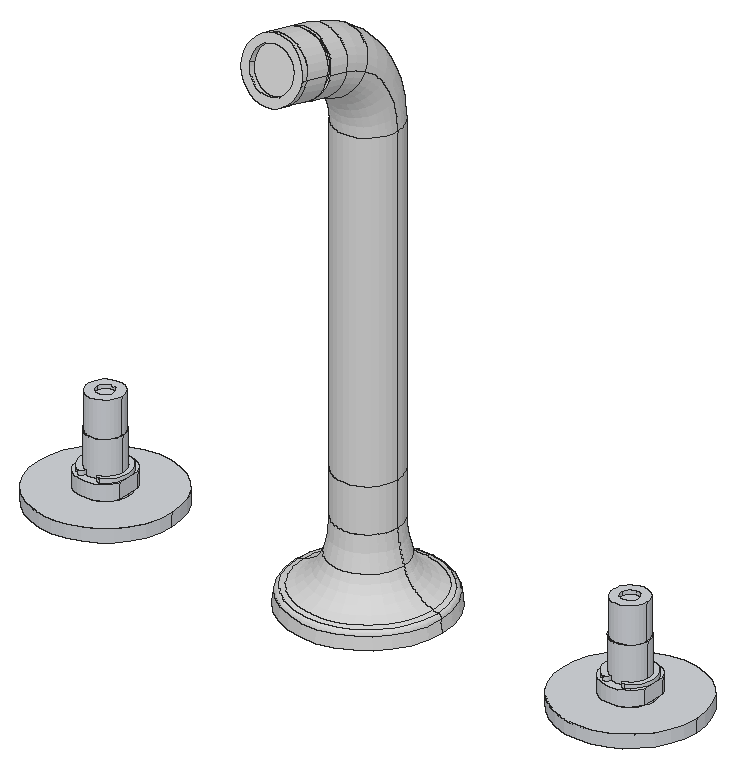
Revit family "Lixil-Grohe-Listra-WM_Lav_Faucet-106216_0_TEST", category Plumbing Fixtures, host Face, Revit 2023
Family settings
  Host = Face
  Round Connector Dimension = Use Diameter
  Part Type = Normal
  OmniClass Number = 23.45.55.17
  OmniClass Title = Mixing Faucets
  Enable Cutting in Views = Yes
  Cut with Voids When Loaded = No
  Maintain Annotation Orientation = No
  Shared = No
  Room Calculation Point = No
Parameters (values of type "Listra WM Lav Faucet")
  Handle Distance [instance] = 7 7/8"
  Depth = 8 3/8"  # constant formula
  Width = 2 1/4"  # constant formula
  Waste Connection = 1 = 0  # no
  Warranty URL = "https://www.grohe.us/support/warranty"
  Version = "2023 - v1.0a"  # constant formula
  Vent Connection = 1 = 0  # no
  URL = "https://www.grohe.us"
  Support Phone = "224-699-9545"  # constant formula
  Support Email = "mailto:support@bimsmith.com"
  Product Page URL = "https://www.grohe.us"
  Product Name = "Listra WM Lav Faucet"  # constant formula
  Product Documentation Link = "https://www.grohe.us"
  Model = "106216_0"
  Manufacturer Phone Number = "630-872-5570"  # constant formula
  Manufacturer Email = "https://www.grohe.us"
  Manufacturer Address = "https://www.grohe.us"
  Manufacturer = "LIXIL"  # constant formula
  Keynote = "22 40 00"
  Height [instance] = 2 1/4"  # constant formula
  HW Connection = 1 = 1  # yes
  Finish = Metal - Grohe - Chrome
  Description = "Lav Faucet"  # constant formula
  Default Elevation = 0"  # constant formula
  Copyright = "©LIXIL® | All Rights Reserved"  # constant formula
  Collection = "Listra"  # constant formula
  CW Connection = 1 = 1  # yes
  Brand = "Grohe"  # constant formula
  Assembly Code = "D2010400"
Reference planes (in)
  plane 1 "Center (Front/Back)": y = 0
  plane 2: z = 0
  plane 3 "Center (Left/Right)": x = 0
  plane 4: x = -3.9375
  plane 5: x = 3.9375
Forms (in)
  Revolve 1, solid, material "Metal - Grohe - Chrome" <- "Finish"
    sketch origin (0, 0, 0) x (1, 0, 0) y (0, 0, 1)
      loop
        line (0, 1.83071) -> (-0.45312, 1.83071) -> (-0.45312, 1.18204)
        arc (-0.45312, 1.18204) -> (-0.47321, 0.93612) -> (-0.53293, 0.69671) r 1.51563
        arc (-0.53293, 0.69671) -> (-0.70161, 0.42684) -> (-0.97345, 0.26136) r 0.69011
        line (-0.97345, 0.26136) -> (-1.04781, 0.2372)
        arc (-1.04781, 0.2372) -> (-1.08308, 0.21341) -> (-1.10038, 0.17454) r 0.07717
        line (-1.10038, 0.17454) -> (-1.12491, 0) -> (0, 0) -> (0, 1.83071)
      axis (0, 1.83071) -> (0, 0)
    angle from 0 to 360
  Sweep 2, solid, material "Metal - Grohe - Chrome" <- "Finish"
    path origin (0, 0, 0) x (0, 1, 0) y (0, 0, 1)
      loop
        line (0.45312, 1.83071) -> (0.45312, 6.51213)
        arc (0.45312, 6.51213) -> (0.22631, 7.35665) -> (-0.3931, 7.9739) r 1.68565
        arc (-0.3931, 7.9739) -> (-0.61165, 8.0839) -> (-0.84095, 8.16925) r 2.22591
        line (-0.84095, 8.16925) -> (-1.14783, 8.25147)
    profile origin (0, 0.45312, 4.17142) x (0, -1, 0) y (1, 0, 0)
      loop
        circle (0.45312, 0) r 0.45313
  Extrusion 3, solid, material "Metal - Grohe - Chrome" <- "Finish"
    sketch origin (0, -1.14783, 8.25147) x (1, 0, 0) y (0, 0.258819, 0.965926)
      loop
        circle (0, -0.45313) r 0.42188
    from 0 to 0.06782
  Extrusion 4, solid, material "Metal - Grohe - Chrome" <- "Finish"
    sketch origin (0, -1.18136, 8.26046) x (1, 0, 0) y (0, 0.258819, 0.965926)
      loop
        circle (0, -0.45313) r 0.45313
    from 0.0331 to 0.43356
  Extrusion 5, solid, material "Metal - Grohe - Chrome" <- "Finish"
    sketch origin (0, -1.60015, 8.37267) x (1, 0, 0) y (0, 0.258819, 0.965926)
      loop
        circle (0, -0.45312) r 0.45313
      loop
        circle (0, -0.45313) r 0.32813
    from 0 to 0.0798
Dimensions and locks (in)
  "Handle Distance": plane 4 to plane 5
  equal spacing: plane 4, plane 3 "Center (Left/Right)", plane 5
  aligned and locked: plane 2 to host face
  aligned and locked: level to host face
  aligned and locked: plane 4 to nested 1
  aligned and locked: nested 2 to plane 5
  aligned and locked: plane 1 "Center (Front/Back)" to nested 1
  aligned and locked: plane 1 "Center (Front/Back)" to nested 2
Automatic sketch dimensions
  host sketch curve to host sketch curve = 13.39777"
  host sketch curve to host sketch curve = 10.91731"
  Revolve 1 sketch curve to level = 0"
  Revolve 1 sketch curve to plane 3 "Center (Left/Right)" = 0"  (x2)
  Revolve 1 sketch curve to Revolve 1 sketch curve = 29/64"
  level to Revolve 1 sketch curve = 0.26136"
  Revolve 1 sketch curve to plane 3 "Center (Left/Right)" = 0.97345"
  Revolve 1 sketch curve to Revolve 1 sketch curve = 0.05051"
  level to Revolve 1 sketch curve = 0.2372"
  Revolve 1 sketch curve to Revolve 1 sketch curve = 0.02385"
  level to Revolve 1 sketch curve = 0.17454"
  Revolve 1 sketch curve to Revolve 1 sketch curve = 0.07642"
  Revolve 1 sketch curve to Revolve 1 sketch curve = 0.02453"
  Revolve 1 sketch curve to Revolve 1 sketch curve = 0.21326"
  Revolve 1 sketch curve to Revolve 1 sketch curve = 0.78204"
  Revolve 1 sketch curve to Revolve 1 sketch curve = 0.65634"
  Revolve 1 sketch curve to Revolve 1 sketch curve = 0.26434"
  Revolve 1 sketch curve to Revolve 1 sketch curve = 0.64867"
  Revolve 1 sketch curve to level = 0.23097"
  Revolve 1 sketch curve to Revolve 1 sketch curve = 0.13761"
  plane 1 "Center (Front/Back)" to Sweep 2 sketch curve = 1.50157"
  Sweep 2 sketch curve to Sweep 2 sketch curve = 0.26904"
  plane 1 "Center (Front/Back)" to Sweep 2 sketch curve = 0.84095"
  Sweep 2 sketch curve to plane 1 "Center (Front/Back)" = 29/64"
  level to Sweep 2 sketch curve = 6.04362"
  Sweep 2 sketch curve to Sweep 2 sketch curve = 0.46851"
  Sweep 2 sketch curve to Sweep 2 sketch curve = 0.19534"
  Sweep 2 sketch curve to Sweep 2 sketch curve = 0.30687"
  level to Sweep 2 sketch curve = 1.83071"
  Sweep 2 sketch curve to Sweep 2 sketch curve = 0.08223"
  Sweep 2 sketch curve to Sweep 2 sketch curve = 0"  (x2)
  Sweep 2 sketch curve to plane 3 "Center (Left/Right)" = 0"
  Sweep 2 sketch curve to profile plane = 29/64"
  Sweep 2 sketch curve to plane 3 "Center (Left/Right)" = 29/64"
  Extrusion 4 sketch curve to Extrusion 4 sketch curve = 0"  (x2)
  Extrusion 4 sketch curve to plane 3 "Center (Left/Right)" = 0"
  Extrusion 4 sketch curve to plane 3 "Center (Left/Right)" = 29/64"
  radius of Extrusion 3 sketch curve to Sweep 2 = 1/32"
  radius of Extrusion 5 sketch curve to Extrusion 4 = 0"
  radius of Extrusion 5 sketch curve to Extrusion 4 = 1/8"
Nested families (in)
  nested 1: "Handle-106216_0" at (-3.9375, 0, 0), type "Listra WM Lav Faucet"
    with Height 2 1/4"
  nested 2: "Handle-106216_0" at (3.9375, 0, 0), type "Listra WM Lav Faucet"
    with Height 2 1/4"
Connectors (in)
  piping at (0, 0, 0), diameter 0.5
    settings: index 1, connector inside diameter 24", connector length 0", flow factor 0, pipe flow 0 GPM, pressure drop 0.00 psi, fitting loss kfactor 0, connector angle 0.00°, fixture units 0, engagement length 0", angle of deflection 0.00°, flow configuration 0, flow direction 0, fitting loss method 0, system type 7, joint type 0, gender type 0, connector reference index -1, connector utility 0, adjustable connector no, is connector primary yes, connector description ""
Definition of nested family "Handle-106216_0"
  Parameters (values of type "Listra WM Lav Faucet")
    Depth = 8 3/8"  # constant formula
    Width = 2 1/4"  # constant formula
    Waste Connection = 1 = 0  # no
    Warranty URL = "https://www.grohe.us/support/warranty"
    Version = "2023 - v1.0a"  # constant formula
    Vent Connection = 1 = 0  # no
    URL = "https://www.grohe.us"
    Support Phone = "224-699-9545"  # constant formula
    Support Email = "mailto:support@bimsmith.com"
    Product Page URL = "https://www.grohe.us"
    Product Name = "Listra WM Lav Faucet"  # constant formula
    Product Documentation Link = "https://www.grohe.us"
    Model = "106216_0"
    Manufacturer Phone Number = "630-872-5570"  # constant formula
    Manufacturer Email = "https://www.grohe.us"
    Manufacturer Address = "https://www.grohe.us"
    Manufacturer = "LIXIL"  # constant formula
    Keynote = "22 40 00"
    Height [instance] = 2 1/4"  # constant formula
    HW Connection = 1 = 1  # yes
    Finish = none
    Description = "Lav Faucet"  # constant formula
    Default Elevation = 0"  # constant formula
    Copyright = "©LIXIL® | All Rights Reserved"  # constant formula
    Collection = "Listra"  # constant formula
    CW Connection = 1 = 1  # yes
    Brand = "Grohe"  # constant formula
    Assembly Code = "D2010400"
  Reference planes (in)
    plane 1 "Center (Front/Back)": y = 0
    plane 2: z = 0
    plane 3 "Center (Left/Right)": x = 0
  Forms (in)
    Extrusion 1, solid
      sketch origin (0, 0, 0) x (1, 0, 0) y (0, 1, 0)
        loop
          line (-4.42123, 7.61619) -> (-4.42123, -3.30112) -> (6.77926, -3.30112) -> (6.77926, 7.61619) -> (-4.42123, 7.61619)
      from 0 to -12
    Extrusion 2, solid, material <- "Finish"
      sketch origin (3.9381, 0, -0.94744) x (0, -1, 0) y (1, 0, 0)
        loop
          circle (0, -3.9381) r 1
      from 0.94744 to 1.13642
    Extrusion 3, solid, material <- "Finish"
      sketch origin (3.9381, 0, 0.18898) x (0, -1, 0) y (1, 0, 0)
        loop
          circle (0, -3.9381) r 0.34766
      from 0 to 0.03176
    Extrusion 4, solid, material <- "Finish"
      sketch origin (3.9381, 0, 0.22074) x (0, -1, 0) y (1, 0, 0)
        loop
          arc (0.17001, -4.29412) -> (0.39453, -3.9381) -> (0.17001, -3.58207) r 0.39453
          line (0.17001, -3.58207) -> (-0.17001, -3.58207)
          arc (-0.17001, -3.58207) -> (-0.39453, -3.9381) -> (-0.17001, -4.29412) r 0.39453
          line (-0.17001, -4.29412) -> (0.17001, -4.29412)
      from 0 to 0.21779
    Extrusion 5, solid, material <- "Finish"
      sketch origin (3.9381, 0, 0.43853) x (0, -1, 0) y (1, 0, 0)
        loop
          arc (0.30573, -3.77258) -> (-0.34766, -3.9381) -> (0.30573, -4.10361) r 0.34766
          arc (0.30573, -4.10361) -> (0.29833, -4.05372) -> (0.25171, -4.03448) r 0.0511
          arc (0.25171, -4.03448) -> (-0.26953, -3.9381) -> (0.25171, -3.84171) r 0.26953
          arc (0.25171, -3.84171) -> (0.29833, -3.82247) -> (0.30573, -3.77258) r 0.0511
      from 0 to 0.05163
    Extrusion 6, solid, material <- "Finish"
      sketch origin (3.9381, 0, 0.43853) x (0, -1, 0) y (1, 0, 0)
        loop
          circle (0, -3.9381) r 0.26953
      from 0 to 0.53344
    Extrusion 7, solid, material <- "Finish"
      sketch origin (3.9381, 0, 0.97197) x (0, -1, 0) y (1, 0, 0)
        loop
          circle (0, -3.9381) r 0.12891
      from 0 to 0.47458
    Extrusion 8, solid, material <- "Finish"
      sketch origin (3.9381, 0, 0.97197) x (0, -1, 0) y (1, 0, 0)
        loop
          circle (0, -3.9381) r 0.12891
        loop
          circle (0, -3.9381) r 0.25391
      from 0 to 0.52016
  Dimensions and locks (in)
    aligned and locked: plane 2 to Extrusion 1
    aligned and locked: level to Extrusion 1
